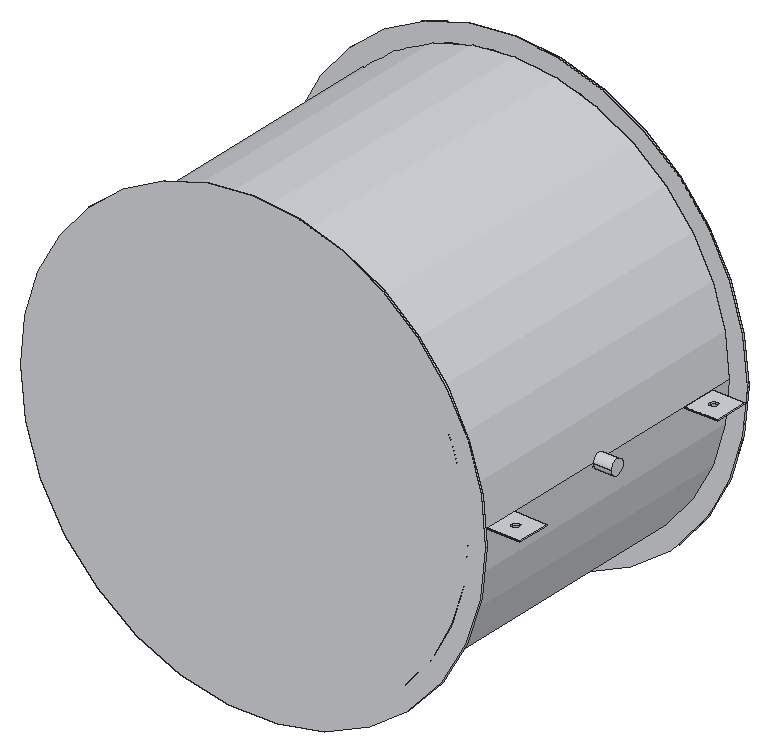
Revit family "VAD_Horizontal_Ceiling_Mount", category Mechanical Equipment, Revit 2019
Family settings
  Round Connector Dimension = Use Radius
  Part Type = Normal
  Work Plane-Based = No
  Always vertical = Yes
  Cut with Voids When Loaded = No
  Shared = No
  Room Calculation Point = No
Parameters (values of type "60_VAD_HOR_CEILING")
  Unit Weight [instance] = ""
  ModelID [instance] = ""
  L/2 = L / 2  # 2' - 8 3/8"
  L-A = L - A  # 0' - 4 3/4"
  L = 5' - 4 3/4"
  J/2 = J / 2  # 1' - 5 3/8"
  J = 2' - 10 3/4"
  K/2 = K / 2  # 0' - 0 17/32"
  K = 0' - 1 1/16"
  L-(C/2) = ZERO - (C / 2)  # -2' - 7 5/8"
  ZERO = 0' - 0"  # constant formula
  H/2 = H / 2  # 0' - 2 13/16"
  H-(A/2) = H - (A / 2)  # -2' - 0 3/8"
  H-((L-A)/2) = H - ((L - A) / 2)  # 0' - 3 1/4"
  H+L = H + ZERO  # 0' - 5 5/8"
  H = 0' - 5 5/8"
  Sones [instance] = ""
  Motor RPM [instance] = ""
  Motor Enclosure [instance] = ""
  LwA [instance] = ""
  G = 16' - 0"
  Fan RPM [instance] = ""
  F/2 = F / 2  # 0' - 0 9/32"
  F = 0' - 0 9/16"
  E/2 = E / 2  # 1' - 11"
  E-2" = E - 0' 2"  # 3' - 8"
  E = 3' - 10"
  C/2+L = C / 2 + ZERO  # 2' - 7 5/8"
  C/2 = C / 2  # 2' - 7 5/8"
  C = 5' - 3 1/4"
  B/2 = B / 2  # 2' - 8 23/32"
  B = 5' - 5 7/16"
  Accessories [instance] = ""
  A/3 = A / 2.5  # 2' - 0"
  A/2 = A / 2  # 2' - 6"
  A = 5' - 0"
  60 = 60.00°  # constant formula
  30 = 30.00°  # constant formula
  3" = 0' - 3"  # constant formula
  Brake Hp [instance] = ""
  4" = 0' - 4"  # constant formula
  2' = 2' - 0"
  2" = 0' - 2"  # constant formula
  1" = 0' - 1"  # constant formula
  0 = 0' - 0"  # constant formula
  Voltage [instance] = 0 V
  URL = "www.lorencook.com"
  Type Comments = "Fixed Pitch Vane Axial Horizontal Ceiling Mount Direct Drive Arrangement 4"  # constant formula
  Static Pressure [instance] = 0.00 in-wg
  Power [instance] = Voltage * Motor FLA * sqrt(if(Phase = 3, 3, 1))  # 0 VA
  Phase [instance] = 0
  Number of Poles [instance] = 1
  Motor Hp [instance] = "0"
  Motor FLA [instance] = 0 A
  Model = "VAD"  # constant formula
  Manufacturer = "Loren Cook Company"
  CFM [instance] = 0 CFM
  1.5 = 0' - 1 1/2"  # constant formula
  ONE EIGTH = 0' - 0 1/8"  # constant formula
  -E/2 = -E / 2  # -1' - 11"
  -(E-.25")/2 = -(E - 0' 0 1/4") / 2  # -1' - 10 7/8"
  (H-(A/2))/2 = (H - (A / 2)) / 2  # -1' - 0 3/16"
  (E-.25")/2 = (E - 0' 0 1/4") / 2  # 1' - 10 7/8"
  (A+.25")/2 = (A + 0' 0 1/4") / 2  # 2' - 6 1/8"
Types (10): name | L/2 | L-A | L | J/2 | J | K/2 | K | L-(C/2) | H/2 | H-(A/2) | H-((L-A)/2) | H+L | H | G | F/2 | F | E/2 | E-2" | E | C/2+L | C/2 | C | B/2 | B | A/3 | A/2 | A | -E/2 | -(E-.25")/2 | (H-(A/2))/2 | (E-.25")/2 | (A+.25")/2
  (no name) | 2' - 8 3/8" | 0' - 4 3/4" | 5' - 4 3/4" | 1' - 5 3/8" | 2' - 10 3/4" | 0' - 0 17/32" | 0' - 1 1/16" | -2' - 7 5/8" | 0' - 2 13/16" | -2' - 0 3/8" | 0' - 3 1/4" | 0' - 5 5/8" | 0' - 5 5/8" | 16' - 0" | 0' - 0 9/32" | 0' - 0 9/16" | 1' - 11" | 3' - 8" | 3' - 10" | 2' - 7 5/8" | 2' - 7 5/8" | 5' - 3 1/4" | 2' - 8 23/32" | 5' - 5 7/16" | 2' - 0" | 2' - 6" | 5' - 0" | -1' - 11" | -1' - 10 7/8" | -1' - 0 3/16" | 1' - 10 7/8" | 2' - 6 1/8"
  18_VAD_HOR_CEILING | 1' - 0 5/8" | 0' - 7 1/4" | 2' - 1 1/4" | 0' - 5 3/4" | 0' - 11 1/2" | 0' - 0 11/32" | 0' - 0 11/16" | -0' - 9 7/8" | 0' - 1 7/8" | -0' - 5 1/4" | 0' - 0 1/8" | 0' - 3 3/4" | 0' - 3 3/4" | 12' - 0" | 0' - 0 7/32" | 0' - 0 7/16" | 0' - 9 1/2" | 1' - 5" | 1' - 7" | 0' - 9 7/8" | 0' - 9 7/8" | 1' - 7 3/4" | 0' - 10 5/8" | 1' - 9 1/4" | 0' - 7.2" | 0' - 9" | 1' - 6" | -0' - 9 1/2" | -0' - 9 3/8" | -0' - 2 5/8" | 0' - 9 3/8" | 0' - 9 1/8"
  21_VAD_HOR_CEILING | 1' - 1 3/32" | 0' - 5 3/16" | 2' - 2 3/16" | 0' - 6 1/4" | 1' - 0 1/2" | 0' - 0 11/32" | 0' - 0 11/16" | -0' - 11 3/8" | 0' - 1 7/8" | -0' - 6 3/4" | 0' - 1 5/32" | 0' - 3 3/4" | 0' - 3 3/4" | 12' - 0" | 0' - 0 7/32" | 0' - 0 7/16" | 0' - 10" | 1' - 6" | 1' - 8" | 0' - 11 3/8" | 0' - 11 3/8" | 1' - 10 3/4" | 1' - 0 1/8" | 2' - 0 1/4" | 0' - 8.4" | 0' - 10 1/2" | 1' - 9" | -0' - 10" | -0' - 9 7/8" | -0' - 3 3/8" | 0' - 9 7/8" | 0' - 10 5/8"
  26_VAD_HOR_CEILING | 1' - 2 29/32" | 0' - 3 13/16" | 2' - 5 13/16" | 0' - 6 3/4" | 1' - 1 1/2" | 0' - 0 11/32" | 0' - 0 11/16" | -1' - 2" | 0' - 2 1/8" | -0' - 8 3/4" | 0' - 2 11/32" | 0' - 4 1/4" | 0' - 4 1/4" | 12' - 0" | 0' - 0 7/32" | 0' - 0 7/16" | 0' - 11" | 1' - 8" | 1' - 10" | 1' - 2" | 1' - 2" | 2' - 4" | 1' - 3 5/32" | 2' - 6 5/16" | 0' - 10.4" | 1' - 1" | 2' - 2" | -0' - 11" | -0' - 10 7/8" | -0' - 4 3/8" | 0' - 10 7/8" | 1' - 1 1/8"
  29_VAD_HOR_CEILING | 1' - 5 5/32" | 0' - 5 5/16" | 2' - 10 5/16" | 0' - 8 1/4" | 1' - 4 1/2" | 0' - 0 11/32" | 0' - 0 11/16" | -1' - 3 1/2" | 0' - 2 1/8" | -0' - 10 1/4" | 0' - 1 19/32" | 0' - 4 1/4" | 0' - 4 1/4" | 12' - 0" | 0' - 0 7/32" | 0' - 0 7/16" | 1' - 0 1/2" | 1' - 11" | 2' - 1" | 1' - 3 1/2" | 1' - 3 1/2" | 2' - 7" | 1' - 4 21/32" | 2' - 9 5/16" | 0' - 11.6" | 1' - 2 1/2" | 2' - 5" | -1' - 0 1/2" | -1' - 0 3/8" | -0' - 5 1/8" | 1' - 0 3/8" | 1' - 2 5/8"
  36_VAD_HOR_CEILING | 1' - 7 7/8" | 0' - 3 3/4" | 3' - 3 3/4" | 0' - 11 3/8" | 1' - 10 3/4" | 0' - 0 7/16" | 0' - 0 7/8" | -1' - 7" | 0' - 2 5/16" | -1' - 1 3/8" | 0' - 2 3/4" | 0' - 4 5/8" | 0' - 4 5/8" | 16' - 0" | 0' - 0 9/32" | 0' - 0 9/16" | 1' - 4" | 2' - 6" | 2' - 8" | 1' - 7" | 1' - 7" | 3' - 2" | 1' - 8 5/32" | 3' - 4 5/16" | 1' - 2.4" | 1' - 6" | 3' - 0" | -1' - 4" | -1' - 3 7/8" | -0' - 6 11/16" | 1' - 3 7/8" | 1' - 6 1/8"
  42_VAD_HOR_CEILING | 1' - 10 7/8" | 0' - 3 3/4" | 3' - 9 3/4" | 1' - 1 7/8" | 2' - 3 3/4" | 0' - 0 7/16" | 0' - 0 7/8" | -1' - 10 3/16" | 0' - 2 5/16" | -1' - 4 3/8" | 0' - 2 3/4" | 0' - 4 5/8" | 0' - 4 5/8" | 16' - 0" | 0' - 0 9/32" | 0' - 0 9/16" | 1' - 6 1/2" | 2' - 11" | 3' - 1" | 1' - 10 3/16" | 1' - 10 3/16" | 3' - 8 3/8" | 1' - 10 21/32" | 3' - 9 5/16" | 1' - 4.8" | 1' - 9" | 3' - 6" | -1' - 6 1/2" | -1' - 6 3/8" | -0' - 8 3/16" | 1' - 6 3/8" | 1' - 9 1/8"
  48_VAD_HOR_CEILING | 2' - 1 7/8" | 0' - 3 3/4" | 4' - 3 3/4" | 1' - 3 7/8" | 2' - 7 3/4" | 0' - 0 7/16" | 0' - 0 7/8" | -2' - 1 1/4" | 0' - 2 9/16" | -1' - 6 7/8" | 0' - 3 1/4" | 0' - 5 1/8" | 0' - 5 1/8" | 16' - 0" | 0' - 0 9/32" | 0' - 0 9/16" | 1' - 9" | 3' - 4" | 3' - 6" | 2' - 1 1/4" | 2' - 1 1/4" | 4' - 2 1/2" | 2' - 2 19/32" | 4' - 5 3/16" | 1' - 7.2" | 2' - 0" | 4' - 0" | -1' - 9" | -1' - 8 7/8" | -0' - 9 7/16" | 1' - 8 7/8" | 2' - 0 1/8"
  54_VAD_HOR_CEILING | 2' - 5 3/8" | 0' - 4 3/4" | 4' - 10 3/4" | 1' - 5 3/8" | 2' - 10 3/4" | 0' - 0 17/32" | 0' - 1 1/16" | -2' - 4 1/4" | 0' - 2 13/16" | -1' - 9 3/8" | 0' - 3 1/4" | 0' - 5 5/8" | 0' - 5 5/8" | 16' - 0" | 0' - 0 9/32" | 0' - 0 9/16" | 1' - 11" | 3' - 8" | 3' - 10" | 2' - 4 1/4" | 2' - 4 1/4" | 4' - 8 1/2" | 2' - 5 23/32" | 4' - 11 7/16" | 1' - 9.6" | 2' - 3" | 4' - 6" | -1' - 11" | -1' - 10 7/8" | -0' - 10 11/16" | 1' - 10 7/8" | 2' - 3 1/8"
  60_VAD_HOR_CEILING | 2' - 8 3/8" | 0' - 4 3/4" | 5' - 4 3/4" | 1' - 5 3/8" | 2' - 10 3/4" | 0' - 0 17/32" | 0' - 1 1/16" | -2' - 7 5/8" | 0' - 2 13/16" | -2' - 0 3/8" | 0' - 3 1/4" | 0' - 5 5/8" | 0' - 5 5/8" | 16' - 0" | 0' - 0 9/32" | 0' - 0 9/16" | 1' - 11" | 3' - 8" | 3' - 10" | 2' - 7 5/8" | 2' - 7 5/8" | 5' - 3 1/4" | 2' - 8 23/32" | 5' - 5 7/16" | 2' - 0" | 2' - 6" | 5' - 0" | -1' - 11" | -1' - 10 7/8" | -1' - 0 3/16" | 1' - 10 7/8" | 2' - 6 1/8"
Reference planes (in)
  plane 1 "Center (Front/Back)": y = 0
  plane 2: z = 0
  plane 3 "Center (Left/Right)": x = 0.40541
Forms (in)
  Extrusion 1, solid
    sketch origin (0, 0, 0) x (1, 0, 0) y (0, 0, 1)
      loop
        circle (0.40541, 0) r 32.71875
    from 23 <- "E/2" to -23 <- "-E/2"
  Extrusion 2, void
    sketch origin (0, 0, 0) x (1, 0, 0) y (0, 0, 1)
      loop
        circle (0.40541, 0) r 32.71875
      loop
        circle (0.40541, 0) r 30.125
    from 22.875 <- "(E-.25")/2" to -22.875 <- "-(E-.25")/2"
  Extrusion 3, solid
    sketch origin (0.40541, 0, 0) x (0, 1, 0) y (0, 0, 1)
      loop
        circle (0, 0) r 1
    from 0 to 32.71875 <- "B/2"
  Extrusion 4, solid
    sketch origin (0, 0, 0) x (1, 0, 0) y (0, 1, 0)
      loop
        line (-34.46959, 19.75) -> (-34.46959, 15) -> (-29.71959, 15) -> (-29.71959, 19.75) -> (-34.46959, 19.75)
      loop
        line (30.53041, 19.75) -> (30.53041, 15) -> (35.28041, 15) -> (35.28041, 19.75) -> (30.53041, 19.75)
      loop
        line (35.28041, -15) -> (30.53041, -15) -> (30.53041, -19.75) -> (35.28041, -19.75) -> (35.28041, -15)
      loop
        line (-29.71959, -19.75) -> (-29.71959, -15) -> (-34.46959, -15) -> (-34.46959, -19.75) -> (-29.71959, -19.75)
    from 0 to 0.125
  Extrusion 5, void
    sketch origin (0, 0, 0) x (1, 0, 0) y (0, 1, 0)
      loop
        circle (-31.96959, 17.375) r 0.53125
      loop
        circle (32.78041, 17.375) r 0.53125
      loop
        circle (32.78041, -17.375) r 0.53125
      loop
        circle (-31.96959, -17.375) r 0.53125
    from 0 to 0.125
Cuts and joins
  Extrusion 2, Extrusion 5 cuts Extrusion 1
  Extrusion 5 cuts Extrusion 3
  Extrusion 5 cuts Extrusion 4
Dimensions and locks (in)
  "0": Extrusion 1 sketch curve to plane 3 "Center (Left/Right)"
  "ZERO": Extrusion 1 sketch curve to level
  "0": Extrusion 2 sketch curve to plane 3 "Center (Left/Right)"  (x2)
  "ZERO": Extrusion 2 sketch curve to level  (x2)
  "0": plane 1 "Center (Front/Back)" to Extrusion 3 sketch curve
  "ZERO": Extrusion 3 sketch curve to level
  "0": Extrusion 4 sketch curve to cut or joined group of Extrusion 1, Extrusion 2, Extrusion 5
  "L-A": Extrusion 4 sketch curve to Extrusion 4 sketch curve  (x4)
  "H-((L-A)/2)": Extrusion 4 sketch curve to cut or joined group of Extrusion 1, Extrusion 2, Extrusion 5  (x2)
  "0": Extrusion 4 sketch curve to Extrusion 4 sketch curve  (x8)
  "0": cut or joined group of Extrusion 1, Extrusion 2, Extrusion 5 to Extrusion 4 sketch curve
  "J/2": plane 1 "Center (Front/Back)" to Extrusion 5 sketch curve  (x4)
  "L/2": Extrusion 5 sketch curve to plane 3 "Center (Left/Right)"  (x4)
  "B/2": radius of Extrusion 1 sketch curve
  "(A+.25")/2": radius of Extrusion 2 sketch curve
  "B/2": radius of Extrusion 2 sketch curve
  "1"": radius of Extrusion 3 sketch curve
  "K/2": radius of Extrusion 5 sketch curve  (x4)
Connectors (in)
  hvac at (0.40541, -23, 0), driven by "A/2"
    settings: on cut or joined group of Extrusion 1, Extrusion 2, Extrusion 5, index 2, duct flow 0 CFM, flow factor 0, pres drop 0.00 in-wg, loss coef 0, conn angle 0.00°, conn width 12", conn height 12", conn diameter 60", duct sys type 29, conn prof type 0, flow config 0, flow direction 2, loss method 0, conn ref index -1, conn util no, is conn primary yes, conn desc ""
  hvac at (0.40541, 23, 0), driven by "A/2"
    settings: on cut or joined group of Extrusion 1, Extrusion 2, Extrusion 5, index 3, duct flow 0 CFM, flow factor 0, pres drop 0.00 in-wg, loss coef 0, conn angle 0.00°, conn width 12", conn height 12", conn diameter 60", duct sys type 29, conn prof type 0, flow config 0, flow direction 1, loss method 0, conn ref index -1, conn util no, is conn primary no, conn desc ""
  electrical at (33.12416, 0, 0)
    settings: on Extrusion 3, index 4, voltage 0 V, apparent load 0 VA, apparent load phase1 0 VA, apparent load phase2 0 VA, apparent load phase3 0 VA, power factor 1, load classification "Other", number of poles 1, system type 30, power factor state 1, is connector primary yes, connector utility no, sub classification motor no, connector description ""
